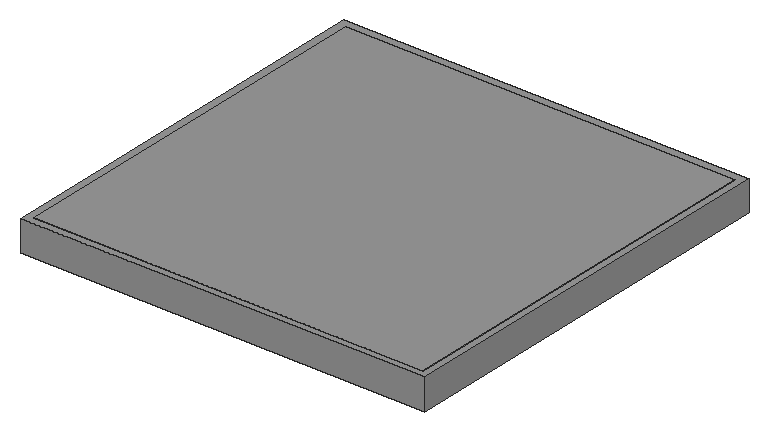
Revit family "ДВО-09 30 Вт Грильято DALI", category Осветительные приборы, Revit 2019 (continued)
Types (6, lengths in mm): name | Эффективность светильника | Файл фотометрической сетки | Тип рассеивателя | Световой поток модуля | built-in parameter 1150142 | Wattage | built-in parameter 1114217 | built-in parameter 1150134 | Lumens | built-in parameter 1150105 | Категория по ограничению яркости | built-in parameter 1150107 | built-in parameter 1150106 | Габаритная яркость | Артикул | URL
    0 0.0 0.0 0.0 0.0 0.0 0.0 0.0 0.0 0.0 0.0 0.0 0.0 0.0 0.0 0.0 0.0 0.0 0.0 0.0 0.0 0.0 0.0 0.0 0.0 0.0 0.0 0.0 0.0 0.0 0.0 0.0 0.0 0.0 0.0 0.0 0.0 0.0 0.0 0.0 0.0 0.0 0.0 0.0 0.0 0.0 0.0 0.0 0.0 0.0 0.0 0.0 0.0 0.0 0.0 0.0 0.0 0.0 0.0 0.0\r\n1213.1 1212.5 1211.4 1209.7 1207.7 1205.2 1202.4 1199.0 1195.1 1191.1 1186.4 1181.3 1175.8 1169.6 1163.1 1156.1 1148.7 1141.0 1132.7 1124.2 1115.2 1105.9 1096.5 1086.6 1076.2 1065.2 1054.2 1042.6 1030.9 1018.7 1006.2 993.3 980.2 966.5 952.8 939.0 924.7 910.3 895.5 880.5 865.0 849.3 833.2 816.8 800.2 783.4 766.4 749.3 732.0 714.6 697.1 679.1 660.9 642.4 623.7 604.6 585.4 566.0 546.5 526.9 507.2 487.3 467.1 446.8 426.5 405.8 385.0 364.5 343.5 322.9 301.9 281.4 260.6 240.4 219.8 200.1 180.2 161.0 141.9 123.4 105.7 88.9 73.1 58.6 45.7 34.3 25.1 18.0 12.9 9.6 7.6 6.6 6.2 6.1 6.2 6.2 6.2 6.2 6.3 6.3 0.0 0.0 0.0 0.0 0.0 0.0 0.0 0.0 0.0 0.0 0.0 0.0 0.0 0.0 0.0 0.0 0.0 0.0 0.0 0.0 0.0 0.0 0.0 0.0 0.0 0.0 0.0 0.0 0.0 0.0 0.0 0.0 0.0 0.0 0.0 0.0 0.0 0.0 0.0 0.0 0.0 0.0 0.0 0.0 0.0 0.0 0.0 0.0 0.0 0.0 0.0 0.0 0.0 0.0 0.0 0.0 0.0 0.0 0.0 0.0 0.0\r\n1213.1 1212.4 1211.4 1209.9 1207.9 1205.4 1202.5 1199.2 1195.4 1191.4 1186.7 1181.5 1176.1 1170.0 1163.6 1156.8 1149.5 1141.8 1133.8 1125.3 1116.3 1106.9 1097.4 1087.3 1076.9 1066.0 1055.1 1043.6 1032.1 1020.1 1007.7 995.1 982.0 968.3 954.5 940.5 926.0 911.6 896.4 881.5 865.6 850.1 833.9 817.7 801.0 784.3 767.3 750.5 733.2 716.1 698.4 680.8 662.5 644.3 625.5 606.7 587.4 568.2 548.4 528.9 509.0 489.1 468.8 448.8 428.2 407.8 387.1 366.6 345.6 325.0 304.0 283.4 262.5 242.3 221.7 201.9 182.0 162.7 143.6 124.9 107.4 90.3 74.6 59.7 46.8 35.2 26.0 18.6 13.5 10.1 7.9 6.9 6.3 6.1 6.2 6.2 6.2 6.2 6.3 6.4 0.0 0.0 0.0 0.0 0.0 0.0 0.0 0.0 0.0 0.0 0.0 0.0 0.0 0.0 0.0 0.0 0.0 0.0 0.0 0.0 0.0 0.0 0.0 0.0 0.0 0.0 0.0 0.0 0.0 0.0 0.0 0.0 0.0 0.0 0.0 0.0 0.0 0.0 0.0 0.0 0.0 0.0 0.0 0.0 0.0 0.0 0.0 0.0 0.0 0.0 0.0 0.0 0.0 0.0 0.0 0.0 0.0 0.0 0.0 0.0 0.0\r\n1213.1 1212.4 1211.2 1209.5 1207.3 1204.6 1201.4 1197.9 1193.9 1189.7 1184.8 1179.6 1173.9 1167.8 1161.1 1154.1 1146.5 1138.6 1130.3 1121.6 1112.5 1102.9 1093.3 1083.0 1072.6 1061.6 1050.5 1038.7 1027.0 1014.6 1002.0 989.0 975.7 961.8 947.9 933.7 919.2 904.6 889.6 874.5 859.0 843.5 827.5 811.2 794.7 777.8 760.8 743.6 726.1 708.5 690.7 672.6 654.3 635.8 617.2 598.2 579.1 559.8 540.3 520.6 500.6 480.7 460.3 440.2 419.4 399.0 378.2 357.6 336.7 316.2 295.3 275.0 254.3 234.4 214.1 194.5 175.0 156.0 137.2 119.1 101.8 85.3 70.0 55.8 43.3 32.6 23.9 17.1 12.4 9.3 7.5 6.7 6.4 6.3 6.4 6.4 6.3 6.4 6.5 6.6 0.0 0.0 0.0 0.0 0.0 0.0 0.0 0.0 0.0 0.0 0.0 0.0 0.0 0.0 0.0 0.0 0.0 0.0 0.0 0.0 0.0 0.0 0.0 0.0 0.0 0.0 0.0 0.0 0.0 0.0 0.0 0.0 0.0 0.0 0.0 0.0 0.0 0.0 0.0 0.0 0.0 0.0 0.0 0.0 0.0 0.0 0.0 0.0 0.0 0.0 0.0 0.0 0.0 0.0 0.0 0.0 0.0 0.0 0.0 0.0 0.0\r\n1213.1 1212.4 1211.0 1209.0 1206.6 1203.8 1200.3 1196.6 1192.3 1187.9 1182.9 1177.6 1171.6 1165.5 1158.5 1151.3 1143.5 1135.3 1126.8 1117.8 1108.6 1098.9 1089.1 1078.7 1068.2 1057.1 1045.8 1033.8 1021.8 1009.1 996.3 982.8 969.3 955.2 941.2 926.8 912.4 897.5 882.7 867.5 852.4 836.8 821.0 804.7 788.4 771.2 754.2 736.6 719.0 700.8 683.0 664.4 646.1 627.2 608.8 589.7 570.8 551.3 532.1 512.2 492.1 472.3 451.8 431.6 410.6 390.1 369.2 348.6 327.7 307.3 286.6 266.5 246.0 226.4 206.4 187.1 167.9 149.3 130.8 113.3 96.2 80.2 65.4 51.9 39.8 29.9 21.7 15.6 11.2 8.5 7.0 6.5 6.4 6.4 6.5 6.6 6.4 6.6 6.7 6.7 0.0 0.0 0.0 0.0 0.0 0.0 0.0 0.0 0.0 0.0 0.0 0.0 0.0 0.0 0.0 0.0 0.0 0.0 0.0 0.0 0.0 0.0 0.0 0.0 0.0 0.0 0.0 0.0 0.0 0.0 0.0 0.0 0.0 0.0 0.0 0.0 0.0 0.0 0.0 0.0 0.0 0.0 0.0 0.0 0.0 0.0 0.0 0.0 0.0 0.0 0.0 0.0 0.0 0.0 0.0 0.0 0.0 0.0 0.0 0.0 0.0\r\n1213.1 1212.5 1211.3 1209.5 1207.5 1205.0 1202.2 1198.8 1194.8 1190.7 1186.0 1181.0 1175.4 1169.1 1162.5 1155.4 1147.9 1140.1 1131.6 1123.0 1114.0 1104.9 1095.6 1085.8 1075.4 1064.4 1053.3 1041.6 1029.7 1017.2 1004.6 991.4 978.3 964.7 951.1 937.4 923.4 908.9 894.5 879.4 864.4 848.5 832.5 815.9 799.4 782.4 765.5 748.1 730.8 713.1 695.7 677.3 659.3 640.5 621.9 602.4 583.3 563.7 544.6 524.8 505.4 485.4 465.4 444.8 424.7 403.8 382.9 362.4 341.4 320.7 299.8 279.3 258.6 238.4 217.9 198.2 178.3 159.2 140.1 121.9 104.0 87.4 71.6 57.5 44.5 33.3 24.2 17.3 12.3 9.1 7.2 6.3 6.1 6.1 6.1 6.2 6.1 6.2 6.3 6.2 0.0 0.0 0.0 0.0 0.0 0.0 0.0 0.0 0.0 0.0 0.0 0.0 0.0 0.0 0.0 0.0 0.0 0.0 0.0 0.0 0.0 0.0 0.0 0.0 0.0 0.0 0.0 0.0 0.0 0.0 0.0 0.0 0.0 0.0 0.0 0.0 0.0 0.0 0.0 0.0 0.0 0.0 0.0 0.0 0.0 0.0 0.0 0.0 0.0 0.0 0.0 0.0 0.0 0.0 0.0 0.0 0.0 0.0 0.0 0.0 0.0\r\n1213.1 1212.5 1211.4 1209.7 1207.7 1205.2 1202.4 1199.0 1195.1 1191.1 1186.4 1181.3 1175.8 1169.6 1163.1 1156.1 1148.7 1141.0 1132.7 1124.2 1115.2 1105.9 1096.5 1086.6 1076.2 1065.2 1054.2 1042.6 1030.9 1018.7 1006.2 993.3 980.2 966.5 952.8 939.0 924.7 910.3 895.5 880.5 865.0 849.3 833.2 816.8 800.2 783.4 766.4 749.3 732.0 714.6 697.1 679.1 660.9 642.4 623.7 604.6 585.4 566.0 546.5 526.9 507.2 487.3 467.1 446.8 426.5 405.8 385.0 364.5 343.5 322.9 301.9 281.4 260.6 240.4 219.8 200.1 180.2 161.0 141.9 123.4 105.7 88.9 73.1 58.6 45.7 34.3 25.1 18.0 12.9 9.6 7.6 6.6 6.2 6.1 6.2 6.2 6.2 6.2 6.3 6.3 0.0 0.0 0.0 0.0 0.0 0.0 0.0 0.0 0.0 0.0 0.0 0.0 0.0 0.0 0.0 0.0 0.0 0.0 0.0 0.0 0.0 0.0 0.0 0.0 0.0 0.0 0.0 0.0 0.0 0.0 0.0 0.0 0.0 0.0 0.0 0.0 0.0 0.0 0.0 0.0 0.0 0.0 0.0 0.0 0.0 0.0 0.0 0.0 0.0 0.0 0.0 0.0 0.0 0.0 0.0 0.0 0.0 0.0 0.0 0.0 0.0\r\n1213.1 1212.4 1211.4 1209.9 1207.9 1205.4 1202.5 1199.2 1195.4 1191.4 1186.7 1181.5 1176.1 1170.0 1163.6 1156.8 1149.5 1141.8 1133.8 1125.3 1116.3 1106.9 1097.4 1087.3 1076.9 1066.0 1055.1 1043.6 1032.1 1020.1 1007.7 995.1 982.0 968.3 954.5 940.5 926.0 911.6 896.4 881.5 865.6 850.1 833.9 817.7 801.0 784.3 767.3 750.5 733.2 716.1 698.4 680.8 662.5 644.3 625.5 606.7 587.4 568.2 548.4 528.9 509.0 489.1 468.8 448.8 428.2 407.8 387.1 366.6 345.6 325.0 304.0 283.4 262.5 242.3 221.7 201.9 182.0 162.7 143.6 124.9 107.4 90.3 74.6 59.7 46.8 35.2 26.0 18.6 13.5 10.1 7.9 6.9 6.3 6.1 6.2 6.2 6.2 6.2 6.3 6.4 0.0 0.0 0.0 0.0 0.0 0.0 0.0 0.0 0.0 0.0 0.0 0.0 0.0 0.0 0.0 0.0 0.0 0.0 0.0 0.0 0.0 0.0 0.0 0.0 0.0 0.0 0.0 0.0 0.0 0.0 0.0 0.0 0.0 0.0 0.0 0.0 0.0 0.0 0.0 0.0 0.0 0.0 0.0 0.0 0.0 0.0 0.0 0.0 0.0 0.0 0.0 0.0 0.0 0.0 0.0 0.0 0.0 0.0 0.0 0.0 0.0\r\n1213.1 1212.4 1211.2 1209.5 1207.3 1204.6 1201.4 1197.9 1193.9 1189.7 1184.8 1179.6 1173.9 1167.8 1161.1 1154.1 1146.5 1138.6 1130.3 1121.6 1112.5 1102.9 1093.3 1083.0 1072.6 1061.6 1050.5 1038.7 1027.0 1014.6 1002.0 989.0 975.7 961.8 947.9 933.7 919.2 904.6 889.6 874.5 859.0 843.5 827.5 811.2 794.7 777.8 760.8 743.6 726.1 708.5 690.7 672.6 654.3 635.8 617.2 598.2 579.1 559.8 540.3 520.6 500.6 480.7 460.3 440.2 419.4 399.0 378.2 357.6 336.7 316.2 295.3 275.0 254.3 234.4 214.1 194.5 175.0 156.0 137.2 119.1 101.8 85.3 70.0 55.8 43.3 32.6 23.9 17.1 12.4 9.3 7.5 6.7 6.4 6.3 6.4 6.4 6.3 6.4 6.5 6.6 0.0 0.0 0.0 0.0 0.0 0.0 0.0 0.0 0.0 0.0 0.0 0.0 0.0 0.0 0.0 0.0 0.0 0.0 0.0 0.0 0.0 0.0 0.0 0.0 0.0 0.0 0.0 0.0 0.0 0.0 0.0 0.0 0.0 0.0 0.0 0.0 0.0 0.0 0.0 0.0 0.0 0.0 0.0 0.0 0.0 0.0 0.0 0.0 0.0 0.0 0.0 0.0 0.0 0.0 0.0 0.0 0.0 0.0 0.0 0.0 0.0\r\n1213.1 1212.4 1211.0 1209.0 1206.6 1203.8 1200.3 1196.6 1192.3 1187.9 1182.9 1177.6 1171.6 1165.5 1158.5 1151.3 1143.5 1135.3 1126.8 1117.8 1108.6 1098.9 1089.1 1078.7 1068.2 1057.1 1045.8 1033.8 1021.8 1009.1 996.3 982.8 969.3 955.2 941.2 926.8 912.4 897.5 882.7 867.5 852.4 836.8 821.0 804.7 788.4 771.2 754.2 736.6 719.0 700.8 683.0 664.4 646.1 627.2 608.8 589.7 570.8 551.3 532.1 512.2 492.1 472.3 451.8 431.6 410.6 390.1 369.2 348.6 327.7 307.3 286.6 266.5 246.0 226.4 206.4 187.1 167.9 149.3 130.8 113.3 96.2 80.2 65.4 51.9 39.8 29.9 21.7 15.6 11.2 8.5 7.0 6.5 6.4 6.4 6.5 6.6 6.4 6.6 6.7 6.7 0.0 0.0 0.0 0.0 0.0 0.0 0.0 0.0 0.0 0.0 0.0 0.0 0.0 0.0 0.0 0.0 0.0 0.0 0.0 0.0 0.0 0.0 0.0 0.0 0.0 0.0 0.0 0.0 0.0 0.0 0.0 0.0 0.0 0.0 0.0 0.0 0.0 0.0 0.0 0.0 0.0 0.0 0.0 0.0 0.0 0.0 0.0 0.0 0.0 0.0 0.0 0.0 0.0 0.0 0.0 0.0 0.0 0.0 0.0 0.0 0.0\r\n1213.1 1212.5 1211.3 1209.5 1207.5 1205.0 1202.2 1198.8 1194.8 1190.7 1186.0 1181.0 1175.4 1169.1 1162.5 1155.4 1147.9 1140.1 1131.6 1123.0 1114.0 1104.9 1095.6 1085.8 1075.4 1064.4 1053.3 1041.6 1029.7 1017.2 1004.6 991.4 978.3 964.7 951.1 937.4 923.4 908.9 894.5 879.4 864.4 848.5 832.5 815.9 799.4 782.4 765.5 748.1 730.8 713.1 695.7 677.3 659.3 640.5 621.9 602.4 583.3 563.7 544.6 524.8 505.4 485.4 465.4 444.8 424.7 403.8 382.9 362.4 341.4 320.7 299.8 279.3 258.6 238.4 217.9 198.2 178.3 159.2 140.1 121.9 104.0 87.4 71.6 57.5 44.5 33.3 24.2 17.3 12.3 9.1 7.2 6.3 6.1 6.1 6.1 6.2 6.1 6.2 6.3 6.2 0.0 0.0 0.0 0.0 0.0 0.0 0.0 0.0 0.0 0.0 0.0 0.0 0.0 0.0 0.0 0.0 0.0 0.0 0.0 0.0 0.0 0.0 0.0 0.0 0.0 0.0 0.0 0.0 0.0 0.0 0.0 0.0 0.0 0.0 0.0 0.0 0.0 0.0 0.0 0.0 0.0 0.0 0.0 0.0 0.0 0.0 0.0 0.0 0.0 0.0 0.0 0.0 0.0 0.0 0.0 0.0 0.0 0.0 0.0 0.0 0.0\r\n1213.1 1212.5 1211.4 1209.7 1207.7 1205.2 1202.4 1199.0 1195.1 1191.1 1186.4 1181.3 1175.8 1169.6 1163.1 1156.1 1148.7 1141.0 1132.7 1124.2 1115.2 1105.9 1096.5 1086.6 1076.2 1065.2 1054.2 1042.6 1030.9 1018.7 1006.2 993.3 980.2 966.5 952.8 939.0 924.7 910.3 895.5 880.5 865.0 849.3 833.2 816.8 800.2 783.4 766.4 749.3 732.0 714.6 697.1 679.1 660.9 642.4 623.7 604.6 585.4 566.0 546.5 526.9 507.2 487.3 467.1 446.8 426.5 405.8 385.0 364.5 343.5 322.9 301.9 281.4 260.6 240.4 219.8 200.1 180.2 161.0 141.9 123.4 105.7 88.9 73.1 58.6 45.7 34.3 25.1 18.0 12.9 9.6 7.6 6.6 6.2 6.1 6.2 6.2 6.2 6.2 6.3 6.3 0.0 0.0 0.0 0.0 0.0 0.0 0.0 0.0 0.0 0.0 0.0 0.0 0.0 0.0 0.0 0.0 0.0 0.0 0.0 0.0 0.0 0.0 0.0 0.0 0.0 0.0 0.0 0.0 0.0 0.0 0.0 0.0 0.0 0.0 0.0 0.0 0.0 0.0 0.0 0.0 0.0 0.0 0.0 0.0 0.0 0.0 0.0 0.0 0.0 0.0 0.0 0.0 0.0 0.0 0.0 0.0 0.0 0.0 0.0 0.0 0.0\r\n1213.1 1212.4 1211.4 1209.9 1207.9 1205.4 1202.5 1199.2 1195.4 1191.4 1186.7 1181.5 1176.1 1170.0 1163.6 1156.8 1149.5 1141.8 1133.8 1125.3 1116.3 1106.9 1097.4 1087.3 1076.9 1066.0 1055.1 1043.6 1032.1 1020.1 1007.7 995.1 982.0 968.3 954.5 940.5 926.0 911.6 896.4 881.5 865.6 850.1 833.9 817.7 801.0 784.3 767.3 750.5 733.2 716.1 698.4 680.8 662.5 644.3 625.5 606.7 587.4 568.2 548.4 528.9 509.0 489.1 468.8 448.8 428.2 407.8 387.1 366.6 345.6 325.0 304.0 283.4 262.5 242.3 221.7 201.9 182.0 162.7 143.6 124.9 107.4 90.3 74.6 59.7 46.8 35.2 26.0 18.6 13.5 10.1 7.9 6.9 6.3 6.1 6.2 6.2 6.2 6.2 6.3 6.4 0.0 0.0 0.0 0.0 0.0 0.0 0.0 0.0 0.0 0.0 0.0 0.0 0.0 0.0 0.0 0.0 0.0 0.0 0.0 0.0 0.0 0.0 0.0 0.0 0.0 0.0 0.0 0.0 0.0 0.0 0.0 0.0 0.0 0.0 0.0 0.0 0.0 0.0 0.0 0.0 0.0 0.0 0.0 0.0 0.0 0.0 0.0 0.0 0.0 0.0 0.0 0.0 0.0 0.0 0.0 0.0 0.0 0.0 0.0 0.0 0.0\r\n1213.1 1212.4 1211.2 1209.5 1207.3 1204.6 1201.4 1197.9 1193.9 1189.7 1184.8 1179.6 1173.9 1167.8 1161.1 1154.1 1146.5 1138.6 1130.3 1121.6 1112.5 1102.9 1093.3 1083.0 1072.6 1061.6 1050.5 1038.7 1027.0 1014.6 1002.0 989.0 975.7 961.8 947.9 933.7 919.2 904.6 889.6 874.5 859.0 843.5 827.5 811.2 794.7 777.8 760.8 743.6 726.1 708.5 690.7 672.6 654.3 635.8 617.2 598.2 579.1 559.8 540.3 520.6 500.6 480.7 460.3 440.2 419.4 399.0 378.2 357.6 336.7 316.2 295.3 275.0 254.3 234.4 214.1 194.5 175.0 156.0 137.2 119.1 101.8 85.3 70.0 55.8 43.3 32.6 23.9 17.1 12.4 9.3 7.5 6.7 6.4 6.3 6.4 6.4 6.3 6.4 6.5 6.6 0.0 0.0 0.0 0.0 0.0 0.0 0.0 0.0 0.0 0.0 0.0 0.0 0.0 0.0 0.0 0.0 0.0 0.0 0.0 0.0 0.0 0.0 0.0 0.0 0.0 0.0 0.0 0.0 0.0 0.0 0.0 0.0 0.0 0.0 0.0 0.0 0.0 0.0 0.0 0.0 0.0 0.0 0.0 0.0 0.0 0.0 0.0 0.0 0.0 0.0 0.0 0.0 0.0 0.0 0.0 0.0 0.0 0.0 0.0 0.0 0.0\r\n1213.1 1212.4 1211.0 1209.0 1206.6 1203.8 1200.3 1196.6 1192.3 1187.9 1182.9 1177.6 1171.6 1165.5 1158.5 1151.3 1143.5 1135.3 1126.8 1117.8 1108.6 1098.9 1089.1 1078.7 1068.2 1057.1 1045.8 1033.8 1021.8 1009.1 996.3 982.8 969.3 955.2 941.2 926.8 912.4 897.5 882.7 867.5 852.4 836.8 821.0 804.7 788.4 771.2 754.2 736.6 719.0 700.8 683.0 664.4 646.1 627.2 608.8 589.7 570.8 551.3 532.1 512.2 492.1 472.3 451.8 431.6 410.6 390.1 369.2 348.6 327.7 307.3 286.6 266.5 246.0 226.4 206.4 187.1 167.9 149.3 130.8 113.3 96.2 80.2 65.4 51.9 39.8 29.9 21.7 15.6 11.2 8.5 7.0 6.5 6.4 6.4 6.5 6.6 6.4 6.6 6.7 6.7 0.0 0.0 0.0 0.0 0.0 0.0 0.0 0.0 0.0 0.0 0.0 0.0 0.0 0.0 0.0 0.0 0.0 0.0 0.0 0.0 0.0 0.0 0.0 0.0 0.0 0.0 0.0 0.0 0.0 0.0 0.0 0.0 0.0 0.0 0.0 0.0 0.0 0.0 0.0 0.0 0.0 0.0 0.0 0.0 0.0 0.0 0.0 0.0 0.0 0.0 0.0 0.0 0.0 0.0 0.0 0.0 0.0 0.0 0.0 0.0 0.0\r\n1213.1 1212.5 1211.3 1209.5 1207.5 1205.0 1202.2 1198.8 1194.8 1190.7 1186.0 1181.0 1175.4 1169.1 1162.5 1155.4 1147.9 1140.1 1131.6 1123.0 1114.0 1104.9 1095.6 1085.8 1075.4 1064.4 1053.3 1041.6 1029.7 1017.2 1004.6 991.4 978.3 964.7 951.1 937.4 923.4 908.9 894.5 879.4 864.4 848.5 832.5 815.9 799.4 782.4 765.5 748.1 730.8 713.1 695.7 677.3 659.3 640.5 621.9 602.4 583.3 563.7 544.6 524.8 505.4 485.4 465.4 444.8 424.7 403.8 382.9 362.4 341.4 320.7 299.8 279.3 258.6 238.4 217.9 198.2 178.3 159.2 140.1 121.9 104.0 87.4 71.6 57.5 44.5 33.3 24.2 17.3 12.3 9.1 7.2 6.3 6.1 6.1 6.1 6.2 6.1 6.2 6.3 6.2 0.0 0.0 0.0 0.0 0.0 0.0 0.0 0.0 0.0 0.0 0.0 0.0 0.0 0.0 0.0 0.0 0.0 0.0 0.0 0.0 0.0 0.0 0.0 0.0 0.0 0.0 0.0 0.0 0.0 0.0 0.0 0.0 0.0 0.0 0.0 0.0 0.0 0.0 0.0 0.0 0.0 0.0 0.0 0.0 0.0 0.0 0.0 0.0 0.0 0.0 0.0 0.0 0.0 0.0 0.0 0.0 0.0 0.0 0.0 0.0 0.0\r\n1213.1 1212.5 1211.4 1209.7 1207.7 1205.2 1202.4 1199.0 1195.1 1191.1 1186.4 1181.3 1175.8 1169.6 1163.1 1156.1 1148.7 1141.0 1132.7 1124.2 1115.2 1105.9 1096.5 1086.6 1076.2 1065.2 1054.2 1042.6 1030.9 1018.7 1006.2 993.3 980.2 966.5 952.8 939.0 924.7 910.3 895.5 880.5 865.0 849.3 833.2 816.8 800.2 783.4 766.4 749.3 732.0 714.6 697.1 679.1 660.9 642.4 623.7 604.6 585.4 566.0 546.5 526.9 507.2 487.3 467.1 446.8 426.5 405.8 385.0 364.5 343.5 322.9 301.9 281.4 260.6 240.4 219.8 200.1 180.2 161.0 141.9 123.4 105.7 88.9 73.1 58.6 45.7 34.3 25.1 18.0 12.9 9.6 7.6 6.6 6.2 6.1 6.2 6.2 6.2 6.2 6.3 6.3 0.0 0.0 0.0 0.0 0.0 0.0 0.0 0.0 0.0 0.0 0.0 0.0 0.0 0.0 0.0 0.0 0.0 0.0 0.0 0.0 0.0 0.0 0.0 0.0 0.0 0.0 0.0 0.0 0.0 0.0 0.0 0.0 0.0 0.0 0.0 0.0 0.0 0.0 0.0 0.0 0.0 0.0 0.0 0.0 0.0 0.0 0.0 0.0 0.0 0.0 0.0 0.0 0.0 0.0 0.0 0.0 0.0 0.0 0.0 0.0 0.0\r\n1213.1 1212.4 1211.4 1209.9 1207.9 1205.4 1202.5 1199.2 1195.4 1191.4 1186.7 1181.5 1176.1 1170.0 1163.6 1156.8 1149.5 1141.8 1133.8 1125.3 1116.3 1106.9 1097.4 1087.3 1076.9 1066.0 1055.1 1043.6 1032.1 1020.1 1007.7 995.1 982.0 968.3 954.5 940.5 926.0 911.6 896.4 881.5 865.6 850.1 833.9 817.7 801.0 784.3 767.3 750.5 733.2 716.1 698.4 680.8 662.5 644.3 625.5 606.7 587.4 568.2 548.4 528.9 509.0 489.1 468.8 448.8 428.2 407.8 387.1 366.6 345.6 325.0 304.0 283.4 262.5 242.3 221.7 201.9 182.0 162.7 143.6 124.9 107.4 90.3 74.6 59.7 46.8 35.2 26.0 18.6 13.5 10.1 7.9 6.9 6.3 6.1 6.2 6.2 6.2 6.2 6.3 6.4 0.0 0.0 0.0 0.0 0.0 0.0 0.0 0.0 0.0 0.0 0.0 0.0 0.0 0.0 0.0 0.0 0.0 0.0 0.0 0.0 0.0 0.0 0.0 0.0 0.0 0.0 0.0 0.0 0.0 0.0 0.0 0.0 0.0 0.0 0.0 0.0 0.0 0.0 0.0 0.0 0.0 0.0 0.0 0.0 0.0 0.0 0.0 0.0 0.0 0.0 0.0 0.0 0.0 0.0 0.0 0.0 0.0 0.0 0.0 0.0 0.0\r\n1213.1 1212.4 1211.2 1209.5 1207.3 1204.6 1201.4 1197.9 1193.9 1189.7 1184.8 1179.6 1173.9 1167.8 1161.1 1154.1 1146.5 1138.6 1130.3 1121.6 1112.5 1102.9 1093.3 1083.0 1072.6 1061.6 1050.5 1038.7 1027.0 1014.6 1002.0 989.0 975.7 961.8 947.9 933.7 919.2 904.6 889.6 874.5 859.0 843.5 827.5 811.2 794.7 777.8 760.8 743.6 726.1 708.5 690.7 672.6 654.3 635.8 617.2 598.2 579.1 559.8 540.3 520.6 500.6 480.7 460.3 440.2 419.4 399.0 378.2 357.6 336.7 316.2 295.3 275.0 254.3 234.4 214.1 194.5 175.0 156.0 137.2 119.1 101.8 85.3 70.0 55.8 43.3 32.6 23.9 17.1 12.4 9.3 7.5 6.7 6.4 6.3 6.4 6.4 6.3 6.4 6.5 6.6 0.0 0.0 0.0 0.0 0.0 0.0 0.0 0.0 0.0 0.0 0.0 0.0 0.0 0.0 0.0 0.0 0.0 0.0 0.0 0.0 0.0 0.0 0.0 0.0 0.0 0.0 0.0 0.0 0.0 0.0 0.0 0.0 0.0 0.0 0.0 0.0 0.0 0.0 0.0 0.0 0.0 0.0 0.0 0.0 0.0 0.0 0.0 0.0 0.0 0.0 0.0 0.0 0.0 0.0 0.0 0.0 0.0 0.0 0.0 0.0 0.0\r\n1213.1 1212.4 1211.0 1209.0 1206.6 1203.8 1200.3 1196.6 1192.3 1187.9 1182.9 1177.6 1171.6 1165.5 1158.5 1151.3 1143.5 1135.3 1126.8 1117.8 1108.6 1098.9 1089.1 1078.7 1068.2 1057.1 1045.8 1033.8 1021.8 1009.1 996.3 982.8 969.3 955.2 941.2 926.8 912.4 897.5 882.7 867.5 852.4 836.8 821.0 804.7 788.4 771.2 754.2 736.6 719.0 700.8 683.0 664.4 646.1 627.2 608.8 589.7 570.8 551.3 532.1 512.2 492.1 472.3 451.8 431.6 410.6 390.1 369.2 348.6 327.7 307.3 286.6 266.5 246.0 226.4 206.4 187.1 167.9 149.3 130.8 113.3 96.2 80.2 65.4 51.9 39.8 
    29.9 21.7 15.6 11.2 8.5 7.0 6.5 6.4 6.4 6.5 6.6 6.4 6.6 6.7 6.7 0.0 0.0 0.0 0.0 0.0 0.0 0.0 0.0 0.0 0.0 0.0 0.0 0.0 0.0 0.0 0.0 0.0 0.0 0.0 0.0 0.0 0.0 0.0 0.0 0.0 0.0 0.0 0.0 0.0 0.0 0.0 0.0 0.0 0.0 0.0 0.0 0.0 0.0 0.0 0.0 0.0 0.0 0.0 0.0 0.0 0.0 0.0 0.0 0.0 0.0 0.0 0.0 0.0 0.0 0.0 0.0 0.0 0.0 0.0 0.0 0.0\r\n" | 24.9088 W | 0.8 (stored number, unit not read) | 12 | 3700 lm | 294.44 (stored number, unit not read) | "1" | 4000 (stored number, unit not read) | 2.9444 (stored number, unit not read) | "<5000 кд / м2" | "14954" | "http://innolux.pro/katalog/upravlenie-osveshheniem/dvo-09-30-vt-grilyato-dali/14954.html"
